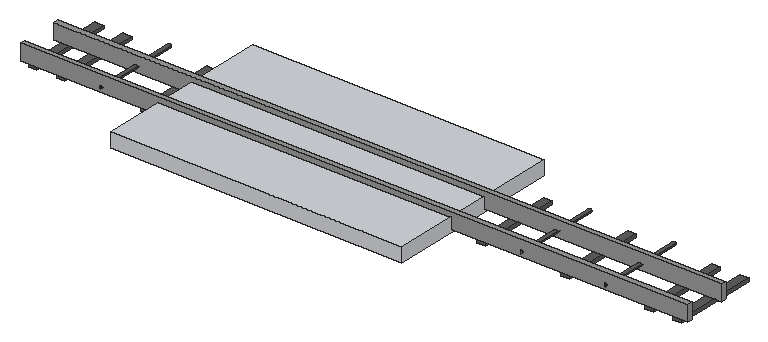
Revit family "1413-2, Veneer", category Generic Models, host Face, Revit 2020
Family settings
  Host = Face
  Can host rebar = No
  Round Connector Dimension = Use Diameter
  Part Type = Normal
  Cut with Voids When Loaded = No
  Shared = No
  Room Calculation Point = No
Parameters
  min_value [instance] = 2' - 4"  # constant formula
  max_value [instance] = 9' - 11 1/4"  # constant formula
  actual_value [instance] = if(NET LENGTH < min_value, min_value, if(NET LENGTH > max_value, max_value, NET LENGTH))  # 7' - 11 1/4"
  NET LENGTH [instance] = 7' - 11 1/4"
  IMPORTANT NOTE!!!                                                                             *Backer & dowel layout is for visualization purposes only, final layout to be determined by 9Wood. [instance] = ""
  Default Elevation = 4' - 0"
  DOWEL RADIUS [instance] = 0' - 0 1/4"  # constant formula
  BACKER & DOWEL MATERIAL [instance] = BLACK-BACKERS
  .. MEMBER WIDTH [instance] = 0' - 0 3/4"  # constant formula
  .. MEMBER MATERIAL [instance] = Veneer Cherry
  .. MEMBER DEPTH [instance] = 0' - 2 1/4"  # constant formula
  .. MEMBER COUNT [instance] = 2  # constant formula
Reference planes (in)
  plane 1 "Center (Front/Back)": y = 0
  plane 2: z = 0
  plane 3 "Center (Left/Right)": x = 0
Forms (in)
  Extrusion 1, solid
    sketch origin (0, 0, 0) x (1, 0, 0) y (0, 1, 0)
      loop
        line (-24.24823, 14.63962) -> (-24.24823, -10.69266) -> (17.36192, -10.69266) -> (17.36192, 14.63962) -> (-24.24823, 14.63962)
    from 0 to 2.0625
Dimensions and locks (in)
  aligned and locked: plane 2 to Extrusion 1
  aligned and locked: nested 1 to plane 2
Nested families (in)
  nested 1: "1400 series" at (-44.01308, -2.1224, -0.06061), NET LENGTH <- "actual_value", .. MEMBER DEPTH <- ".. MEMBER DEPTH", .. MEMBER WIDTH <- ".. MEMBER WIDTH", DOWEL RADIUS <- "DOWEL RADIUS", BACKER & DOWEL MATERIAL <- "BACKER & DOWEL MATERIAL", .. MEMBER MATERIAL <- ".. MEMBER MATERIAL", MEMBER COUNT <- ".. MEMBER COUNT", type "1400 series"
    with X 7' - 8", SCRIM MATERIAL SCRIM, SCRIM LENGTH 8' - 1", SCRIM APPEARANCE yes, SCRIM 2 0' - 0 7/8", SCRIM 1 0' - 0 3/32", OC TYP 1' - 0", NET LENGTH 7' - 11 1/4", N 8, MEMBER COUNT 2, INSET 2 0' - 0 3/16", INSET 0' - 1", HALF MEMBER WIDTH 0' - 0 3/8", END BACKER yes, DOWEL RADIUS 0' - 0 1/4", DOWEL INDEX 0' - 11 5/8", DOWEL COUNT 7, BACKING M COUNT 8, BACKER WIDTH 0' - 1 1/4", BACKER INDEX 0' - 5 5/8", BACKER DEPTH 0' - 0 1/2", BACKER & DOWEL MATERIAL BLACK-BACKERS, BACKER &  DOWEL LENGTH 0' - 11 7/8", .. MEMBER WIDTH 0' - 0 3/4", .. MEMBER OC TYP 0' - 6", .. MEMBER MATERIAL Veneer Cherry, .. MEMBER DEPTH 0' - 2 1/4"
Definition of nested family "1400 series"
  Parameters (values of type "1400 series")
    X [instance] = NET LENGTH - 0' 3 1/4"  # 7' - 2"
    SCRIM MATERIAL [instance] = none
    SCRIM APPEARANCE [instance] = yes
    SCRIM 2 [instance] = 0' - 0 7/8"  # constant formula
    SCRIM 1 [instance] = 0' - 0 3/32"  # constant formula
    OC TYP [instance] = 1' - 0"  # constant formula
    N [instance] = if((X - (rounddown(X / 1' 0") * 1' 0")) > 1' 0", rounddown(X / 1' 0") + 2, rounddown(X / 1' 0") + 1)  # 8
    MEMBER COUNT [instance] = 2
    INSET 5 = 0' - 0 11/16"  # constant formula
    INSET 2 [instance] = 0' - 0 3/16"  # constant formula
    INSET [instance] = 0' - 1"  # constant formula
    END BACKER [instance] = BACKER INDEX > 0' 3 5/8"  # no
    HALF MEMBER WIDTH [instance] = .. MEMBER WIDTH / 2  # 0' - 1 1/8"
    Default Elevation = 0' - 0"
    DOWEL RADIUS [instance] = 0' - 0 1/4"
    DOWEL INDEX [instance] = BACKER INDEX + 0' 6"  # 0' - 8 5/8"
    DOWEL COUNT [instance] = N - 1  # 7
    BACKER WIDTH [instance] = 0' - 1 1/4"  # constant formula
    BACKER INDEX [instance] = (NET LENGTH - ((N - 1) * 1' 0")) / 2  # 0' - 2 5/8"
    BACKER DEPTH [instance] = 0' - 0 1/2"  # constant formula
    BACKING M COUNT [instance] = N  # 8
    BACKER & DOWEL MATERIAL [instance] = none
    BACKER &  DOWEL LENGTH [instance] = 0' - 11 7/8"  # constant formula
    SCRIM LENGTH [instance] = NET LENGTH + (SCRIM 2 * 2)  # 7' - 7"
    .. MEMBER WIDTH [instance] = 0' - 2 1/4"
    .. MEMBER OC TYP [instance] = 1' 0" / MEMBER COUNT  # 0' - 6"
    .. MEMBER MATERIAL [instance] = none
    NET LENGTH [instance] = 7' - 5 1/4"
    .. MEMBER DEPTH [instance] = 0' - 4"
  Reference planes (in)
    plane 1 "Center (Front/Back)": y = 0
    plane 2: z = 0
    plane 3 "Center (Left/Right)": x = 0
    plane 4: x = 89.25
    plane 5: x = 1
    plane 6: x = 88.25
    plane 7: x = 2.625
    plane 8: x = 8.625
    plane 9: x = 14.625
    plane 10: x = 20.625
    plane 11: y = 0.1875
    plane 12: y = 1.125
    plane 13: y = 7.125
    plane 14: y = 12.0625
    plane 15: x = 90.125
    plane 16: x = -0.875
    plane 17: y = 12.15625
    plane 18: y = -0.09375
    plane 19: z = 2.7097
    plane 20: z = 0.56061
    plane 21: z = 1.24811
  Lines and regions (in)
    model lines, not visible
      curve 1: line (8.625, 0, 0.99811) -> (8.625, 0, 1.49811)
      curve 2: line (8.625, 0, 1.49811) -> (8.375, 0, 1.24811)
      curve 3: line (8.375, 0, 1.24811) -> (8.875, 0, 1.24811)
      curve 4: line (20.625, 0, 0.99811) -> (20.625, 0, 1.49811)
      curve 5: line (20.625, 0, 1.49811) -> (20.375, 0, 1.24811)
      curve 6: line (20.375, 0, 1.24811) -> (20.875, 0, 1.24811)
      curve 7: line (32.625, 0, 0.99811) -> (32.625, 0, 1.49811)
      curve 8: line (32.625, 0, 1.49811) -> (32.375, 0, 1.24811)
      curve 9: line (32.375, 0, 1.24811) -> (32.875, 0, 1.24811)
      curve 10: line (44.625, 0, 0.99811) -> (44.625, 0, 1.49811)
      curve 11: line (44.625, 0, 1.49811) -> (44.375, 0, 1.24811)
      curve 12: line (44.375, 0, 1.24811) -> (44.875, 0, 1.24811)
      curve 13: line (56.625, 0, 0.99811) -> (56.625, 0, 1.49811)
      curve 14: line (56.625, 0, 1.49811) -> (56.375, 0, 1.24811)
      curve 15: line (56.375, 0, 1.24811) -> (56.875, 0, 1.24811)
      curve 16: line (68.625, 0, 0.99811) -> (68.625, 0, 1.49811)
      curve 17: line (68.625, 0, 1.49811) -> (68.375, 0, 1.24811)
      curve 18: line (68.375, 0, 1.24811) -> (68.875, 0, 1.24811)
      curve 19: line (80.625, 0, 0.99811) -> (80.625, 0, 1.49811)
      curve 20: line (80.625, 0, 1.49811) -> (80.375, 0, 1.24811)
      curve 21: line (80.375, 0, 1.24811) -> (80.875, 0, 1.24811)
  Dimensions and locks (in)
    "INSET": plane 3 "Center (Left/Right)" to plane 5
    "NET LENGTH": plane 3 "Center (Left/Right)" to plane 4
    "INSET": plane 6 to plane 4
    "BACKER INDEX": plane 3 "Center (Left/Right)" to plane 7
    "DOWEL INDEX": plane 3 "Center (Left/Right)" to plane 8
    "OC TYP": plane 7 to plane 9
    "OC TYP": plane 8 to plane 10
    "INSET 2": plane 1 "Center (Front/Back)" to plane 11
    equal spacing: group 1, group 2, group 5, group 6, group 7, group 13, group 14, group 16  (x3)
    equal spacing: group 3, group 4, group 8, group 9, group 10, group 15, group 17  (x3)
    group 11 to group 12 = 0' - 0"  (x2)
    group 11 to group 12 = 0' - 6"
    ".. MEMBER OC TYP": plane 13 to plane 12
    "HALF MEMBER WIDTH": plane 1 "Center (Front/Back)" to plane 12
    "SCRIM 2": plane 16 to plane 3 "Center (Left/Right)"
    "SCRIM 2": plane 4 to plane 15
    "SCRIM 1": plane 18 to plane 1 "Center (Front/Back)"
    "SCRIM 1": plane 17 to plane 14
    "INSET 5": plane 21 to plane 20
    aligned and locked: level to plane 2
    aligned and locked: plane 7 to nested 2
    aligned and locked: plane 5 to nested 1
    aligned and locked: plane 9 to nested 3
    aligned and locked: nested 1 to plane 5
    aligned and locked: nested 2 to plane 11
    aligned and locked: nested 1 to plane 11
    aligned and locked: nested 3 to plane 11
    aligned and locked: nested 4 to plane 11  (x2)
    aligned and locked: plane 10 to nested 5
    aligned and locked: plane 6 to nested 12
    aligned and locked: nested 5 to plane 11
    aligned and locked: plane 11 to nested 12
    aligned and locked: plane 12 to nested 13
    aligned and locked: nested 14 to plane 13
    aligned and locked: plane 14 to nested 8
    aligned and locked: nested 13 to plane 20
    aligned and locked: plane 21 to nested 4
    aligned and locked: plane 21 to nested 5
    aligned and locked: nested 13 to plane 8
    aligned and locked: plane 10 to nested 13
    aligned and locked: curve 1 to nested 13
    aligned and locked: nested 13 to curve 4
    aligned and locked: plane 20 to nested 1
    aligned and locked: plane 20 to nested 2
    aligned and locked: nested 12 to plane 20
  Automatic sketch dimensions
    curve 3 to curve 1 = 0' - 0 1/4"  (x2)
    curve 1 to curve 3 = 0' - 0 1/4"
    curve 1 to curve 2 = 0' - 0 1/4"
    curve 6 to curve 4 = 0' - 0 1/4"  (x2)
    curve 4 to curve 6 = 0' - 0 1/4"
    curve 4 to curve 5 = 0' - 0 1/4"
    curve 9 to curve 7 = 0' - 0 1/4"  (x2)
    curve 7 to curve 9 = 0' - 0 1/4"
    curve 7 to curve 8 = 0' - 0 1/4"
    curve 12 to curve 10 = 0' - 0 1/4"  (x2)
    curve 10 to curve 12 = 0' - 0 1/4"
    curve 10 to curve 11 = 0' - 0 1/4"
    curve 15 to curve 13 = 0' - 0 1/4"  (x2)
    curve 13 to curve 15 = 0' - 0 1/4"
    curve 13 to curve 14 = 0' - 0 1/4"
    curve 18 to curve 16 = 0' - 0 1/4"  (x2)
    curve 16 to curve 18 = 0' - 0 1/4"
    curve 16 to curve 17 = 0' - 0 1/4"
    curve 21 to curve 19 = 0' - 0 1/4"  (x2)
    curve 19 to curve 21 = 0' - 0 1/4"
    curve 19 to curve 20 = 0' - 0 1/4"
  Nested families (in)
    nested 1: "INSTANCE - 3RD -  EXTEND BOTH SIDES - Parametric Cube.0001" at (1, 0.1875, 0.56061), Length <- "BACKER &  DOWEL LENGTH", Width <- "BACKER WIDTH", Height <- "BACKER DEPTH", Material <- "BACKER & DOWEL MATERIAL", visible <- "END BACKER", type "INSTANCE - 3RD -  EXTEND BOTH SIDES - Parametric Cube.0001"
      with Width 0' - 1 1/4", Material none, Length 0' - 11 7/8", Height 0' - 0 1/2"
    nested 2: "INSTANCE - 2ND -  EXTEND SIDE H CENTER W - Parametric Cube.0001" at (2.625, 0.1875, 0.56061), Width <- "BACKER WIDTH", Length <- "BACKER &  DOWEL LENGTH", Height <- "BACKER DEPTH", Material <- "BACKER & DOWEL MATERIAL", type "INSTANCE - 2ND -  EXTEND SIDE H CENTER W - Parametric Cube.0001"
      with Width 0' - 1 1/4", Material none, Length 0' - 11 7/8", Height 0' - 0 1/2"
    nested 3: "INSTANCE - 2ND -  EXTEND SIDE H CENTER W - Parametric Cube.0001" at (14.625, 0.1875, 0.56061), Width <- "BACKER WIDTH", Length <- "BACKER &  DOWEL LENGTH", Height <- "BACKER DEPTH", Material <- "BACKER & DOWEL MATERIAL", type "INSTANCE - 2ND -  EXTEND SIDE H CENTER W - Parametric Cube.0001"
      with Width 0' - 1 1/4", Material none, Length 0' - 11 7/8", Height 0' - 0 1/2"
    nested 4: "DOWEL" at (-1.375, 0.1875, 1.24811), DOWEL LENGTH <- "BACKER &  DOWEL LENGTH", DOWEL RADII <- "DOWEL RADIUS", BACKING MEM MATERIAL <- "BACKER & DOWEL MATERIAL", type "DOWEL"
      with DOWEL RADII 0' - 0 1/4", DOWEL LENGTH 0' - 11 7/8", BACKING MEM MATERIAL none
    nested 5: "DOWEL" at (10.625, 0.1875, 1.24811), DOWEL LENGTH <- "BACKER &  DOWEL LENGTH", DOWEL RADII <- "DOWEL RADIUS", BACKING MEM MATERIAL <- "BACKER & DOWEL MATERIAL", type "DOWEL"
      with DOWEL RADII 0' - 0 1/4", DOWEL LENGTH 0' - 11 7/8", BACKING MEM MATERIAL none
    nested 6: "INSTANCE - 2ND -  EXTEND SIDE H CENTER W - Parametric Cube.0001" at (26.625, 0.1875, 0.56061), Width <- "BACKER WIDTH", Length <- "BACKER &  DOWEL LENGTH", Height <- "BACKER DEPTH", Material <- "BACKER & DOWEL MATERIAL", type "INSTANCE - 2ND -  EXTEND SIDE H CENTER W - Parametric Cube.0001"
      with Width 0' - 1 1/4", Material none, Length 0' - 11 7/8", Height 0' - 0 1/2"
    nested 7: "INSTANCE - 2ND -  EXTEND SIDE H CENTER W - Parametric Cube.0001" at (38.625, 0.1875, 0.56061), Width <- "BACKER WIDTH", Length <- "BACKER &  DOWEL LENGTH", Height <- "BACKER DEPTH", Material <- "BACKER & DOWEL MATERIAL", type "INSTANCE - 2ND -  EXTEND SIDE H CENTER W - Parametric Cube.0001"
      with Width 0' - 1 1/4", Material none, Length 0' - 11 7/8", Height 0' - 0 1/2"
    nested 8: "INSTANCE - 2ND -  EXTEND SIDE H CENTER W - Parametric Cube.0001" at (50.625, 0.1875, 0.56061), Width <- "BACKER WIDTH", Length <- "BACKER &  DOWEL LENGTH", Height <- "BACKER DEPTH", Material <- "BACKER & DOWEL MATERIAL", type "INSTANCE - 2ND -  EXTEND SIDE H CENTER W - Parametric Cube.0001"
      with Width 0' - 1 1/4", Material none, Length 0' - 11 7/8", Height 0' - 0 1/2"
    nested 9: "DOWEL" at (22.625, 0.1875, 1.24811), DOWEL LENGTH <- "BACKER &  DOWEL LENGTH", DOWEL RADII <- "DOWEL RADIUS", BACKING MEM MATERIAL <- "BACKER & DOWEL MATERIAL", type "DOWEL"
      with DOWEL RADII 0' - 0 1/4", DOWEL LENGTH 0' - 11 7/8", BACKING MEM MATERIAL none
    nested 10: "DOWEL" at (34.625, 0.1875, 1.24811), DOWEL LENGTH <- "BACKER &  DOWEL LENGTH", DOWEL RADII <- "DOWEL RADIUS", BACKING MEM MATERIAL <- "BACKER & DOWEL MATERIAL", type "DOWEL"
      with DOWEL RADII 0' - 0 1/4", DOWEL LENGTH 0' - 11 7/8", BACKING MEM MATERIAL none
    nested 11: "DOWEL" at (46.625, 0.1875, 1.24811), DOWEL LENGTH <- "BACKER &  DOWEL LENGTH", DOWEL RADII <- "DOWEL RADIUS", BACKING MEM MATERIAL <- "BACKER & DOWEL MATERIAL", type "DOWEL"
      with DOWEL RADII 0' - 0 1/4", DOWEL LENGTH 0' - 11 7/8", BACKING MEM MATERIAL none
    nested 12: "INSTANCE - 3RD -  EXTEND BOTH SIDES - Parametric Cube.0001" at (88.25, 0.1875, 0.56061) x (-1, 0, 0) z (0, 0, 1), Width <- "BACKER WIDTH", Length <- "BACKER &  DOWEL LENGTH", Height <- "BACKER DEPTH", Material <- "BACKER & DOWEL MATERIAL", visible <- "END BACKER", type "INSTANCE - 3RD -  EXTEND BOTH SIDES - Parametric Cube.0001"
      with Width 0' - 1 1/4", Material none, Length 0' - 11 7/8", Height 0' - 0 1/2"
    nested 13: "HOLED MEMBER" at (0, -9.75, 8.12965), DOWEL INDEX <- "DOWEL INDEX", .. MEMBER LENGTH <- "NET LENGTH", .. MEMBER WIDTH <- ".. MEMBER WIDTH", DOWEL OC DIST <- "OC TYP", DOWEL RADII <- "DOWEL RADIUS", Material <- ".. MEMBER MATERIAL", DEPTH <- ".. MEMBER DEPTH", DOWEL COUNT <- "DOWEL COUNT", Space <- "INSET 5", type "HOLED MEMBER"
      with Space 0' - 0 11/16", Material none, Height 0' - 10.43096", HALF MEMBER WIDTH 0' - 1 1/8", DOWEL RADII 0' - 0 1/4", DOWEL OC DIST 1' - 0", DOWEL INDEX 0' - 8 5/8", DOWEL COUNT 7, DEPTH 0' - 4", .. MEMBER WIDTH 0' - 2 1/4", .. MEMBER LENGTH 7' - 5 1/4"
    nested 14: "HOLED MEMBER" at (0, -3.75, 8.12965), DOWEL INDEX <- "DOWEL INDEX", .. MEMBER LENGTH <- "NET LENGTH", .. MEMBER WIDTH <- ".. MEMBER WIDTH", DOWEL OC DIST <- "OC TYP", DOWEL RADII <- "DOWEL RADIUS", Material <- ".. MEMBER MATERIAL", DEPTH <- ".. MEMBER DEPTH", DOWEL COUNT <- "DOWEL COUNT", Space <- "INSET 5", type "HOLED MEMBER"
      with Space 0' - 0 11/16", Material none, Height 0' - 10.43096", HALF MEMBER WIDTH 0' - 1 1/8", DOWEL RADII 0' - 0 1/4", DOWEL OC DIST 1' - 0", DOWEL INDEX 0' - 8 5/8", DOWEL COUNT 7, DEPTH 0' - 4", .. MEMBER WIDTH 0' - 2 1/4", .. MEMBER LENGTH 7' - 5 1/4"
    nested 15: "INSTANCE - 2ND -  EXTEND SIDE H CENTER W - Parametric Cube.0001" at (62.625, 0.1875, 0.56061), Width <- "BACKER WIDTH", Length <- "BACKER &  DOWEL LENGTH", Height <- "BACKER DEPTH", Material <- "BACKER & DOWEL MATERIAL", type "INSTANCE - 2ND -  EXTEND SIDE H CENTER W - Parametric Cube.0001"
      with Width 0' - 1 1/4", Material none, Length 0' - 11 7/8", Height 0' - 0 1/2"
    nested 16: "INSTANCE - 2ND -  EXTEND SIDE H CENTER W - Parametric Cube.0001" at (74.625, 0.1875, 0.56061), Width <- "BACKER WIDTH", Length <- "BACKER &  DOWEL LENGTH", Height <- "BACKER DEPTH", Material <- "BACKER & DOWEL MATERIAL", type "INSTANCE - 2ND -  EXTEND SIDE H CENTER W - Parametric Cube.0001"
      with Width 0' - 1 1/4", Material none, Length 0' - 11 7/8", Height 0' - 0 1/2"
    nested 17: "DOWEL" at (58.625, 0.1875, 1.24811), DOWEL LENGTH <- "BACKER &  DOWEL LENGTH", DOWEL RADII <- "DOWEL RADIUS", BACKING MEM MATERIAL <- "BACKER & DOWEL MATERIAL", type "DOWEL"
      with DOWEL RADII 0' - 0 1/4", DOWEL LENGTH 0' - 11 7/8", BACKING MEM MATERIAL none
    nested 18: "INSTANCE - 2ND -  EXTEND SIDE H CENTER W - Parametric Cube.0001" at (86.625, 0.1875, 0.56061), Width <- "BACKER WIDTH", Length <- "BACKER &  DOWEL LENGTH", Height <- "BACKER DEPTH", Material <- "BACKER & DOWEL MATERIAL", type "INSTANCE - 2ND -  EXTEND SIDE H CENTER W - Parametric Cube.0001"
      with Width 0' - 1 1/4", Material none, Length 0' - 11 7/8", Height 0' - 0 1/2"
    nested 19: "DOWEL" at (70.625, 0.1875, 1.24811), DOWEL LENGTH <- "BACKER &  DOWEL LENGTH", DOWEL RADII <- "DOWEL RADIUS", BACKING MEM MATERIAL <- "BACKER & DOWEL MATERIAL", type "DOWEL"
      with DOWEL RADII 0' - 0 1/4", DOWEL LENGTH 0' - 11 7/8", BACKING MEM MATERIAL none
  Definition of nested family "INSTANCE - 3RD -  EXTEND BOTH SIDES - Parametric Cube.0001"
    Parameters (values of type "INSTANCE - 3RD -  EXTEND BOTH SIDES - Parametric Cube.0001")
      Width [instance] = 0' - 6"
      Material [instance] = none
      Length [instance] = 1' - 0"
      Height [instance] = 1' - 6"
      Default Elevation = 0' - 0"
    Reference planes (in)
      plane 1 "Center (Front/Back)": y = 0
      plane 2: z = 0
      plane 3 "Center (Left/Right)": x = 0
      plane 4: x = 6
      plane 5: y = 12
      plane 6: z = -18
    Forms (in)
      Extrusion 1, solid, material <- "Material"
        sketch origin (0, 6, 0) x (1, 0, 0) y (0, 1, 0)
          loop
            line (0, 6) -> (0, -6) -> (6, -6) -> (6, 6) -> (0, 6)
        from -18 to 0
    Dimensions and locks (in)
      "Height": plane 6 to level
      "Length": plane 1 "Center (Front/Back)" to plane 5
      "Width": plane 3 "Center (Left/Right)" to plane 4
      aligned and locked: plane 2 to level
      aligned and locked: Extrusion 1 sketch curve to plane 4
      aligned and locked: Extrusion 1 to plane 6
      aligned and locked: plane 5 to Extrusion 1
      aligned and locked: Extrusion 1 to plane 3 "Center (Left/Right)"
    Automatic sketch dimensions
      plane 1 "Center (Front/Back)" to Extrusion 1 sketch curve = 0' - 0"
      plane 5 to Extrusion 1 sketch curve = 0' - 0"
      Extrusion 1 sketch curve to plane 3 "Center (Left/Right)" = 0' - 0"
  Definition of nested family "INSTANCE - 2ND -  EXTEND SIDE H CENTER W - Parametric Cube.0001"
    Parameters (values of type "INSTANCE - 2ND -  EXTEND SIDE H CENTER W - Parametric Cube.0001")
      Width [instance] = 0' - 6"
      Material [instance] = none
      Length [instance] = 1' - 0"
      Height [instance] = 1' - 6"
      Default Elevation = 0' - 0"
    Reference planes (in)
      plane 1 "Center (Front/Back)": y = 0
      plane 2: z = 0
      plane 3 "Center (Left/Right)": x = 0
      plane 4: x = -3
      plane 5: x = 3
      plane 6: y = 12
      plane 7: z = -18
    Forms (in)
      Extrusion 1, solid, material <- "Material"
        sketch origin (0, 6, 0) x (1, 0, 0) y (0, 1, 0)
          loop
            line (-3, 6) -> (-3, -6) -> (3, -6) -> (3, 6) -> (-3, 6)
        from -18 to 0
    Dimensions and locks (in)
      equal spacing: plane 4, plane 3 "Center (Left/Right)", plane 5
      "Width": plane 4 to plane 5
      "Height": plane 7 to level
      "Length": plane 1 "Center (Front/Back)" to plane 6
      aligned and locked: plane 2 to level
      aligned and locked: plane 4 to Extrusion 1 sketch curve
      aligned and locked: Extrusion 1 sketch curve to plane 5
      aligned and locked: Extrusion 1 to plane 7
      aligned and locked: plane 6 to Extrusion 1
    Automatic sketch dimensions
      plane 1 "Center (Front/Back)" to Extrusion 1 sketch curve = 0' - 0"
      plane 6 to Extrusion 1 sketch curve = 0' - 0"
  Definition of nested family "DOWEL"
    Parameters (values of type "DOWEL")
      Default Elevation = 0' - 0"
      DOWEL RADII [instance] = 0' - 0 5/8"
      DOWEL LENGTH [instance] = 1' - 0"
      BACKING MEM MATERIAL [instance] = none
    Reference planes (in)
      plane 1 "Center (Front/Back)": y = 0
      plane 2: z = 0
      plane 3 "Center (Left/Right)": x = 0
      plane 4: y = 12
    Forms (in)
      Extrusion 1, solid, material <- "BACKING MEM MATERIAL"
        sketch origin (10, 0, 0) x (1, 0, 0) y (0, 0, 1)
          loop
            circle (0, 0) r 0.625
        from 0 to -12
      Extrusion 2, solid, not visible
        sketch origin (0, 0, 0) x (1, 0, 0) y (0, 0, 1)
          loop
            circle (0, 0) r 0.625
        from 0 to 12
      Extrusion 3, solid, not visible
        sketch origin (10, 0, 0) x (1, 0, 0) y (0, 0, 1)
          loop
            circle (0, 0) r 0.625
        from 0 to 2.5
      Extrusion 4, solid, not visible
        sketch origin (10, 0, 0) x (1, 0, 0) y (0, 0, 1)
          loop
            circle (0, 0) r 0.625
        from 0 to -12
    Lines and regions (in)
      model lines, not visible
        curve 1: line (-13, 0, 0) -> (-13, -12, 0)
        curve 2: line (13, 0, 0) -> (13, -12, 0)
        curve 3: line (9.89453, 0, 0) -> (10.08794, 0, 0)
        curve 4: line (9.89453, -2.5, 0) -> (10.08794, -2.5, 0)
        curve 6: line (10, 0, 0) -> (10, 2, 0)
      model lines
        curve 5: line (10, 0, 0) -> (10, 2, 0)
    Dimensions and locks (in)
      "DOWEL LENGTH": plane 1 "Center (Front/Back)" to plane 4
      "DOWEL RADII": radius of Extrusion 1 sketch curve
      "DOWEL RADII": radius of Extrusion 2 sketch curve
      "DOWEL RADII": radius of Extrusion 3 sketch curve
      "DOWEL RADII": radius of Extrusion 4 sketch curve
      "DOWEL RADII": radius of Extrusion 1
      aligned and locked: plane 2 to level
      aligned and locked: Extrusion 1 to plane 1 "Center (Front/Back)"  (x3)
      aligned and locked: plane 1 "Center (Front/Back)" to Extrusion 1
      aligned and locked: plane 4 to Extrusion 1
    Automatic sketch dimensions
      plane 1 "Center (Front/Back)" to curve 5 = 0' - 0"
      curve 5 to plane 1 "Center (Front/Back)" = 0' - 2"
      plane 3 "Center (Left/Right)" to curve 5 = 0' - 10"
      Extrusion 1 sketch curve to level = 0' - 0"
      plane 3 "Center (Left/Right)" to Extrusion 1 sketch curve = 0' - 10"
  Definition of nested family "HOLED MEMBER"
    Parameters (values of type "HOLED MEMBER")
      Space [instance] = 0' - 0 5/8"
      Material [instance] = none
      Height [instance] = 0' - 10.43096"
      HALF MEMBER WIDTH [instance] = .. MEMBER WIDTH / 2  # 0' - 0 5/16"
      Default Elevation = 0' - 0"
      DOWEL RADII [instance] = 0' - 0.34537"
      DOWEL OC DIST [instance] = 1' - 0"
      DOWEL INSET = 0' - 0 5/8"
      DOWEL INDEX [instance] = 0' - 5 5/8"
      DOWEL COUNT [instance] = 6
      DEPTH [instance] = 0' - 2"
      .. MEMBER WIDTH [instance] = 0' - 0 5/8"
      .. MEMBER LENGTH [instance] = 5' - 11 3/4"
    Reference planes (in)
      plane 1 "Center (Front/Back)": y = 12
      plane 2: z = -7.56904
      plane 3 "Center (Left/Right)": x = 0
      plane 4: x = 5.625
      plane 5: x = 17.625
      plane 6: y = 11.375
      plane 7: x = 71.75
      plane 8: y = 11.6875
      plane 9: z = -6.94404
      plane 10: z = -5.56904
    Forms (in)
      Extrusion 1, solid, material <- "Material"
        sketch origin (0, 12, -13.56904) x (1, 0, 0) y (0, 0, 1)
          loop
            line (0, 6) -> (71.75, 6) -> (71.75, 8) -> (0, 8) -> (0, 6)
        from 0.625 to 0
      Extrusion 2, void
        sketch origin (0, 12, -18.31904) x (1, 0, 0) y (0, 0, 1)
          loop
            circle (5.625, 11.375) r 0.34537
        from 0 to 12
      Extrusion 3, void, not visible
        sketch origin (0, 0, 0) x (1, 0, 0) y (0, 1, 0)
          loop
            circle (5.625, 11.375) r 0.34537
        from 0 to 12
      Extrusion 4, void, not visible
        sketch origin (0, 0, 0) x (1, 0, 0) y (0, 1, 0)
          loop
            circle (5.625, 11.375) r 0.34537
        from 0 to 12
      Extrusion 5, void, not visible
        sketch origin (12, 0, 0) x (1, 0, 0) y (0, 1, 0)
          loop
            circle (5.625, 11.375) r 0.34537
        from 0 to 12
      Extrusion 6, void, not visible
        sketch origin (0, 12, -17.56904) x (1, 0, 0) y (0, 0, 1)
          loop
            circle (5.625, 11.375) r 0.34537
        from 0 to 12
      Extrusion 7, void, not visible
        sketch origin (12, 12, -17.56904) x (1, 0, 0) y (0, 0, 1)
          loop
            circle (5.625, 11.375) r 0.34537
        from 0 to 12
      Extrusion 8, void, not visible
        sketch origin (0, 12, -19.56904) x (1, 0, 0) y (0, 0, 1)
          loop
            circle (5.625, 11.375) r 0.34537
        from 0 to 12
      Extrusion 9, void
        sketch origin (12, 12, -18.31904) x (1, 0, 0) y (0, 0, 1)
          loop
            circle (5.625, 11.375) r 0.34537
        from 0 to 12
      Extrusion 10, void
        sketch origin (24, 12, -18.31904) x (1, 0, 0) y (0, 0, 1)
          loop
            circle (5.625, 11.375) r 0.34537
        from 0 to 12
      Extrusion 11, void
        sketch origin (36, 12, -18.31904) x (1, 0, 0) y (0, 0, 1)
          loop
            circle (5.625, 11.375) r 0.34537
        from 0 to 12
      Extrusion 12, void
        sketch origin (48, 12, -18.31904) x (1, 0, 0) y (0, 0, 1)
          loop
            circle (5.625, 11.375) r 0.34537
        from 0 to 12
      Extrusion 13, void
        sketch origin (60, 12, -18.31904) x (1, 0, 0) y (0, 0, 1)
          loop
            circle (5.625, 11.375) r 0.34537
        from 0 to 12
      Extrusion 14, void, not visible
        sketch origin (24, 12, -17.56904) x (1, 0, 0) y (0, 0, 1)
          loop
            circle (5.625, 11.375) r 0.34537
        from 0 to 12
      Extrusion 15, void, not visible
        sketch origin (36, 12, -17.56904) x (1, 0, 0) y (0, 0, 1)
          loop
            circle (5.625, 11.375) r 0.34537
        from 0 to 12
      Extrusion 16, void, not visible
        sketch origin (48, 12, -17.56904) x (1, 0, 0) y (0, 0, 1)
          loop
            circle (5.625, 11.375) r 0.34537
        from 0 to 12
      Extrusion 17, void, not visible
        sketch origin (60, 12, -17.56904) x (1, 0, 0) y (0, 0, 1)
          loop
            circle (5.625, 11.375) r 0.34537
        from 0 to 12
      Extrusion 18, void, not visible
        sketch origin (24, 0, 0) x (1, 0, 0) y (0, 1, 0)
          loop
            circle (5.625, 11.375) r 0.34537
        from 0 to 12
      Extrusion 19, void, not visible
        sketch origin (36, 0, 0) x (1, 0, 0) y (0, 1, 0)
          loop
            circle (5.625, 11.375) r 0.34537
        from 0 to 12
      Extrusion 20, void, not visible
        sketch origin (48, 0, 0) x (1, 0, 0) y (0, 1, 0)
          loop
            circle (5.625, 11.375) r 0.34537
        from 0 to 12
      Extrusion 21, void, not visible
        sketch origin (60, 0, 0) x (1, 0, 0) y (0, 1, 0)
          loop
            circle (5.625, 11.375) r 0.34537
        from 0 to 12
    Cuts and joins
      Extrusion 2, Extrusion 9, Extrusion 10, Extrusion 11, Extrusion 12, Extrusion 13 cuts Extrusion 1
    Lines and regions (in)
      model lines, not visible
        curve 1: line (5.625, 11.72037, 0) -> (5.625, 11.02963, 0)
        curve 2: line (5.625, 11.72037, 0) -> (5.625, 11.02963, 0)
        curve 3: line (17.625, 11.72037, 0) -> (17.625, 11.02963, 0)
        curve 4: line (5.625, 12, -7.56904) -> (5.625, 11.87317, -7.56904)
        curve 5: line (5.625, 11.87317, -7.56904) -> (5.06195, 11.87317, -7.56904)
        curve 6: line (5.06195, 11.87317, -7.56904) -> (5.27963, 11.375, -7.56904)
        curve 7: line (0, 12, -6.19404) -> (0, 11.61951, -6.19404)
        curve 9: line (0, 11.375, -8.19404) -> (0, 11.6747, -8.19404)
        curve 10: line (5.625, 12, -7.56904) -> (5.625, 11.69863, -7.56904)
        curve 11: line (5.625, 12, -7.56904) -> (5.625, 11.69863, -7.56904)
        curve 12: line (5.625, 10.75, 0) -> (5.625, 10.75, 0.30137)
        curve 13: line (5.625, 10.75, 0) -> (5.625, 10.75, 0.30137)
        curve 14: line (17.625, 10.75, 0) -> (17.625, 10.75, 0.30137)
        curve 15: line (5.625, 12, -6.81904) -> (5.625, 11.69863, -6.81904)
        curve 16: line (17.625, 12, -6.81904) -> (17.625, 11.69863, -6.81904)
        curve 17: line (5.625, 12, -8.81904) -> (5.625, 11.69863, -8.81904)
        curve 18: line (17.625, 12, -7.56904) -> (17.625, 11.69863, -7.56904)
        curve 19: line (29.625, 12, -7.56904) -> (29.625, 11.69863, -7.56904)
        curve 20: line (41.625, 12, -7.56904) -> (41.625, 11.69863, -7.56904)
        curve 21: line (53.625, 12, -7.56904) -> (53.625, 11.69863, -7.56904)
        curve 22: line (65.625, 12, -7.56904) -> (65.625, 11.69863, -7.56904)
        curve 23: line (29.625, 12, -6.81904) -> (29.625, 11.69863, -6.81904)
        curve 24: line (41.625, 12, -6.81904) -> (41.625, 11.69863, -6.81904)
        curve 25: line (53.625, 12, -6.81904) -> (53.625, 11.69863, -6.81904)
        curve 26: line (65.625, 12, -6.81904) -> (65.625, 11.69863, -6.81904)
        curve 27: line (29.625, 11.72037, 0) -> (29.625, 11.02963, 0)
        curve 28: line (29.625, 10.75, 0) -> (29.625, 10.75, 0.30137)
        curve 29: line (41.625, 11.72037, 0) -> (41.625, 11.02963, 0)
        curve 30: line (41.625, 10.75, 0) -> (41.625, 10.75, 0.30137)
        curve 31: line (53.625, 11.72037, 0) -> (53.625, 11.02963, 0)
        curve 32: line (53.625, 10.75, 0) -> (53.625, 10.75, 0.30137)
        curve 33: line (65.625, 11.72037, 0) -> (65.625, 11.02963, 0)
        curve 34: line (65.625, 10.75, 0) -> (65.625, 10.75, 0.30137)
        curve 35: line (5.27963, 12, -6.94404) -> (5.97037, 12, -6.94404)
        curve 36: line (5.97037, 12, -6.94404) -> (5.625, 12, -6.59867)
        curve 37: line (5.625, 12, -6.59867) -> (5.625, 12, -7.28941)
        curve 38: line (5.27963, 11.375, 0) -> (5.97037, 11.375, 0)
        curve 39: line (5.97037, 11.375, 0) -> (5.625, 11.72037, 0)
        curve 40: line (5.625, 11.72037, 0) -> (5.625, 11.02963, 0)
        curve 41: line (5.27963, 11.375, 0) -> (5.97037, 11.375, 0)
        curve 42: line (5.97037, 11.375, 0) -> (5.625, 11.72037, 0)
        curve 43: line (5.625, 11.72037, 0) -> (5.625, 11.02963, 0)
        curve 44: line (17.27963, 11.375, 0) -> (17.97037, 11.375, 0)
        curve 45: line (17.97037, 11.375, 0) -> (17.625, 11.72037, 0)
        curve 46: line (17.625, 11.72037, 0) -> (17.625, 11.02963, 0)
        curve 47: line (5.27963, 12, -6.19404) -> (5.97037, 12, -6.19404)
        curve 48: line (5.97037, 12, -6.19404) -> (5.625, 12, -5.84867)
        curve 49: line (5.625, 12, -5.84867) -> (5.625, 12, -6.53941)
        curve 50: line (17.27963, 12, -6.19404) -> (17.97037, 12, -6.19404)
        curve 51: line (17.97037, 12, -6.19404) -> (17.625, 12, -5.84867)
        curve 52: line (17.625, 12, -5.84867) -> (17.625, 12, -6.53941)
        curve 53: line (5.27963, 12, -8.19404) -> (5.97037, 12, -8.19404)
        curve 54: line (5.97037, 12, -8.19404) -> (5.625, 12, -7.84867)
        curve 55: line (5.625, 12, -7.84867) -> (5.625, 12, -8.53941)
        curve 56: line (17.27963, 12, -6.94404) -> (17.97037, 12, -6.94404)
        curve 57: line (17.97037, 12, -6.94404) -> (17.625, 12, -6.59867)
        curve 58: line (17.625, 12, -6.59867) -> (17.625, 12, -7.28941)
        curve 59: line (29.27963, 12, -6.94404) -> (29.97037, 12, -6.94404)
        curve 60: line (29.97037, 12, -6.94404) -> (29.625, 12, -6.59867)
        curve 61: line (29.625, 12, -6.59867) -> (29.625, 12, -7.28941)
        curve 62: line (41.27963, 12, -6.94404) -> (41.97037, 12, -6.94404)
        curve 63: line (41.97037, 12, -6.94404) -> (41.625, 12, -6.59867)
        curve 64: line (41.625, 12, -6.59867) -> (41.625, 12, -7.28941)
        curve 65: line (53.27963, 12, -6.94404) -> (53.97037, 12, -6.94404)
        curve 66: line (53.97037, 12, -6.94404) -> (53.625, 12, -6.59867)
        curve 67: line (53.625, 12, -6.59867) -> (53.625, 12, -7.28941)
        curve 68: line (65.27963, 12, -6.94404) -> (65.97037, 12, -6.94404)
        curve 69: line (65.97037, 12, -6.94404) -> (65.625, 12, -6.59867)
        curve 70: line (65.625, 12, -6.59867) -> (65.625, 12, -7.28941)
        curve 71: line (29.27963, 12, -6.19404) -> (29.97037, 12, -6.19404)
        curve 72: line (29.97037, 12, -6.19404) -> (29.625, 12, -5.84867)
        curve 73: line (29.625, 12, -5.84867) -> (29.625, 12, -6.53941)
        curve 74: line (41.27963, 12, -6.19404) -> (41.97037, 12, -6.19404)
        curve 75: line (41.97037, 12, -6.19404) -> (41.625, 12, -5.84867)
        curve 76: line (41.625, 12, -5.84867) -> (41.625, 12, -6.53941)
        curve 77: line (53.27963, 12, -6.19404) -> (53.97037, 12, -6.19404)
        curve 78: line (53.97037, 12, -6.19404) -> (53.625, 12, -5.84867)
        curve 79: line (53.625, 12, -5.84867) -> (53.625, 12, -6.53941)
        curve 80: line (65.27963, 12, -6.19404) -> (65.97037, 12, -6.19404)
        curve 81: line (65.97037, 12, -6.19404) -> (65.625, 12, -5.84867)
        curve 82: line (65.625, 12, -5.84867) -> (65.625, 12, -6.53941)
        curve 83: line (29.27963, 11.375, 0) -> (29.97037, 11.375, 0)
        curve 84: line (29.97037, 11.375, 0) -> (29.625, 11.72037, 0)
        curve 85: line (29.625, 11.72037, 0) -> (29.625, 11.02963, 0)
        curve 86: line (41.27963, 11.375, 0) -> (41.97037, 11.375, 0)
        curve 87: line (41.97037, 11.375, 0) -> (41.625, 11.72037, 0)
        curve 88: line (41.625, 11.72037, 0) -> (41.625, 11.02963, 0)
        curve 89: line (53.27963, 11.375, 0) -> (53.97037, 11.375, 0)
        curve 90: line (53.97037, 11.375, 0) -> (53.625, 11.72037, 0)
        curve 91: line (53.625, 11.72037, 0) -> (53.625, 11.02963, 0)
        curve 92: line (65.27963, 11.375, 0) -> (65.97037, 11.375, 0)
        curve 93: line (65.97037, 11.375, 0) -> (65.625, 11.72037, 0)
        curve 94: line (65.625, 11.72037, 0) -> (65.625, 11.02963, 0)
      model lines
        curve 8: line (5.625, 12, -7.56904) -> (5.625, 11.69863, -7.56904)
    Dimensions and locks (in)
      "DOWEL INDEX": plane 3 "Center (Left/Right)" to plane 4
      "DOWEL OC DIST": plane 4 to plane 5
      ".. MEMBER LENGTH": plane 3 "Center (Left/Right)" to plane 7
      equal spacing: group 3, group 4, group 21, group 22, group 23, group 24  (x3)
      equal spacing: group 7, group 8, group 17, group 18, group 19, group 20  (x3)
      ".. MEMBER WIDTH": plane 6 to plane 1 "Center (Front/Back)"
      "HALF MEMBER WIDTH": plane 8 to plane 1 "Center (Front/Back)"
      equal spacing: group 1, group 12, group 13, group 14, group 15, group 16  (x2)
      equal spacing: group 16, group 15, group 14, group 13, group 12, group 1
      "DEPTH": plane 10 to level
      "Space": plane 9 to level
      "DOWEL RADII": radius of Extrusion 2 sketch curve
      "DOWEL RADII": radius of Extrusion 3 sketch curve
      "DOWEL RADII": radius of Extrusion 4 sketch curve
      "DOWEL RADII": radius of Extrusion 5 sketch curve
      "DOWEL RADII": radius of Extrusion 6 sketch curve
      "DOWEL RADII": radius of Extrusion 7 sketch curve
      "DOWEL RADII": radius of Extrusion 8 sketch curve
      "DOWEL RADII": radius of Extrusion 9 sketch curve
      "DOWEL RADII": radius of Extrusion 10 sketch curve
      "DOWEL RADII": radius of Extrusion 11 sketch curve
      "DOWEL RADII": radius of Extrusion 12 sketch curve
      "DOWEL RADII": radius of Extrusion 13 sketch curve
      "DOWEL RADII": radius of Extrusion 14 sketch curve
      "DOWEL RADII": radius of Extrusion 15 sketch curve
      "DOWEL RADII": radius of Extrusion 16 sketch curve
      "DOWEL RADII": radius of Extrusion 17 sketch curve
      "DOWEL RADII": radius of Extrusion 18 sketch curve
      "DOWEL RADII": radius of Extrusion 19 sketch curve
      "DOWEL RADII": radius of Extrusion 20 sketch curve
      "DOWEL RADII": radius of Extrusion 21 sketch curve
      aligned and locked: level to plane 2
      aligned and locked: Extrusion 1 to plane 3 "Center (Left/Right)"  (x2)
      aligned and locked: plane 7 to cut or joined group of Extrusion 1, Extrusion 2, Extrusion 9, Extrusion 10, Extrusion 11, Extrusion 12, Extrusion 13  (x2)
      aligned and locked: cut or joined group of Extrusion 1, Extrusion 2, Extrusion 9, Extrusion 10, Extrusion 11, Extrusion 12, Extrusion 13 to plane 1 "Center (Front/Back)"  (x2)
      aligned and locked: cut or joined group of Extrusion 1, Extrusion 2, Extrusion 9, Extrusion 10, Extrusion 11, Extrusion 12, Extrusion 13 to plane 6  (x2)
      aligned and locked: plane 4 to curve 11
      aligned and locked: curve 18 to plane 5
      aligned and locked: plane 4 to group 1
      aligned and locked: group 12 to plane 5
      aligned and locked: curve 35 to plane 9
      aligned and locked: plane 4 to curve 37
      aligned and locked: curve 56 to plane 9
      aligned and locked: curve 58 to plane 5
      aligned and locked: plane 10 to cut or joined group of Extrusion 1, Extrusion 2, Extrusion 9, Extrusion 10, Extrusion 11, Extrusion 12, Extrusion 13  (x2)
      aligned and locked: cut or joined group of Extrusion 1, Extrusion 2, Extrusion 9, Extrusion 10, Extrusion 11, Extrusion 12, Extrusion 13 to level
      aligned and locked: level to cut or joined group of Extrusion 1, Extrusion 2, Extrusion 9, Extrusion 10, Extrusion 11, Extrusion 12, Extrusion 13
    Automatic sketch dimensions
      curve 1 to curve 1 = 0' - 0.69074"
      curve 2 to curve 2 = 0' - 0.69074"
      curve 3 to curve 3 = 0' - 0.69074"
      Extrusion 1 sketch curve to plane 3 "Center (Left/Right)" = 0' - 0"
      Extrusion 1 sketch curve to plane 7 = 0' - 0"
      Extrusion 1 sketch curve to Extrusion 1 sketch curve = 0' - 2"
      Extrusion 1 sketch curve to level = 0' - 0"
      curve 8 to curve 8 = 0' - 0.30137"
      curve 10 to curve 10 = 0' - 0.30137"
      curve 8 to plane 4 = 0' - 0"
      plane 1 "Center (Front/Back)" to curve 8 = 0' - 0"
      plane 1 "Center (Front/Back)" to curve 8 = 0' - 0.30137"
      curve 11 to curve 11 = 0' - 0.30137"
      curve 12 to curve 12 = 0' - 0.30137"
      curve 13 to curve 13 = 0' - 0.30137"
      curve 14 to curve 14 = 0' - 0.30137"
      curve 15 to curve 15 = 0' - 0.30137"
      curve 16 to curve 16 = 0' - 0.30137"
      curve 17 to curve 17 = 0' - 0.30137"
      curve 18 to curve 18 = 0' - 0.30137"
      curve 19 to curve 19 = 0' - 0.30137"
      curve 20 to curve 20 = 0' - 0.30137"
      curve 21 to curve 21 = 0' - 0.30137"
      curve 22 to curve 22 = 0' - 0.30137"
      curve 23 to curve 23 = 0' - 0.30137"
      curve 24 to curve 24 = 0' - 0.30137"
      curve 25 to curve 25 = 0' - 0.30137"
      curve 26 to curve 26 = 0' - 0.30137"
      curve 27 to curve 27 = 0' - 0.69074"
      curve 28 to curve 28 = 0' - 0.30137"
      curve 29 to curve 29 = 0' - 0.69074"
      curve 30 to curve 30 = 0' - 0.30137"
      curve 31 to curve 31 = 0' - 0.69074"
      curve 32 to curve 32 = 0' - 0.30137"
      curve 33 to curve 33 = 0' - 0.69074"
      curve 34 to curve 34 = 0' - 0.30137"
      curve 37 to curve 35 = 0' - 0.34537"  (x2)
      curve 35 to curve 36 = 0' - 0.34537"
      curve 35 to curve 37 = 0' - 0.34537"
      curve 40 to curve 38 = 0' - 0.34537"  (x2)
      curve 38 to curve 39 = 0' - 0.34537"
      curve 38 to curve 40 = 0' - 0.34537"
      curve 43 to curve 41 = 0' - 0.34537"  (x2)
      curve 41 to curve 42 = 0' - 0.34537"
      curve 41 to curve 43 = 0' - 0.34537"
      curve 46 to curve 44 = 0' - 0.34537"  (x2)
      curve 44 to curve 45 = 0' - 0.34537"
      curve 44 to curve 46 = 0' - 0.34537"
      curve 49 to curve 47 = 0' - 0.34537"  (x2)
      curve 47 to curve 48 = 0' - 0.34537"
      curve 47 to curve 49 = 0' - 0.34537"
      curve 52 to curve 50 = 0' - 0.34537"  (x2)
      curve 50 to curve 51 = 0' - 0.34537"
      curve 50 to curve 52 = 0' - 0.34537"
      curve 55 to curve 53 = 0' - 0.34537"  (x2)
      curve 53 to curve 54 = 0' - 0.34537"
      curve 53 to curve 55 = 0' - 0.34537"
      curve 58 to curve 56 = 0' - 0.34537"  (x2)
      curve 56 to curve 57 = 0' - 0.34537"
      curve 56 to curve 58 = 0' - 0.34537"
      curve 61 to curve 59 = 0' - 0.34537"  (x2)
      curve 59 to curve 60 = 0' - 0.34537"
      curve 59 to curve 61 = 0' - 0.34537"
      curve 64 to curve 62 = 0' - 0.34537"  (x2)
      curve 62 to curve 63 = 0' - 0.34537"
      curve 62 to curve 64 = 0' - 0.34537"
      curve 67 to curve 65 = 0' - 0.34537"  (x2)
      curve 65 to curve 66 = 0' - 0.34537"
      curve 65 to curve 67 = 0' - 0.34537"
      curve 70 to curve 68 = 0' - 0.34537"  (x2)
      curve 68 to curve 69 = 0' - 0.34537"
      curve 68 to curve 70 = 0' - 0.34537"
      curve 73 to curve 71 = 0' - 0.34537"  (x2)
      curve 71 to curve 72 = 0' - 0.34537"
      curve 71 to curve 73 = 0' - 0.34537"
      curve 76 to curve 74 = 0' - 0.34537"  (x2)
      curve 74 to curve 75 = 0' - 0.34537"
      curve 74 to curve 76 = 0' - 0.34537"
      curve 79 to curve 77 = 0' - 0.34537"  (x2)
      curve 77 to curve 78 = 0' - 0.34537"
      curve 77 to curve 79 = 0' - 0.34537"
      curve 82 to curve 80 = 0' - 0.34537"  (x2)
      curve 80 to curve 81 = 0' - 0.34537"
      curve 80 to curve 82 = 0' - 0.34537"
      curve 85 to curve 83 = 0' - 0.34537"  (x2)
      curve 83 to curve 84 = 0' - 0.34537"
      curve 83 to curve 85 = 0' - 0.34537"
      curve 88 to curve 86 = 0' - 0.34537"  (x2)
      curve 86 to curve 87 = 0' - 0.34537"
      curve 86 to curve 88 = 0' - 0.34537"
      curve 91 to curve 89 = 0' - 0.34537"  (x2)
      curve 89 to curve 90 = 0' - 0.34537"
      curve 89 to curve 91 = 0' - 0.34537"
      curve 94 to curve 92 = 0' - 0.34537"  (x2)
      curve 92 to curve 93 = 0' - 0.34537"
      curve 92 to curve 94 = 0' - 0.34537"
